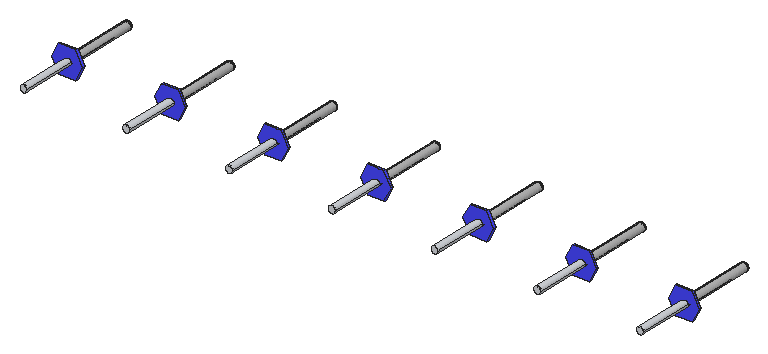
Revit family "Dorn LD - type - Kopi", category Generic Models, Revit 2019
Family settings
  Can host rebar = No
  Round Connector Dimension = Use Diameter
  Part Type = Normal
  Work Plane-Based = Yes
  Always vertical = No
  Cut with Voids When Loaded = No
  Shared = No
  Room Calculation Point = No
Parameters (values of type "20/320 A4")
  Website Link [instance] = "https://haucon.dk/produkt/dorn-ld/#variations"
  Total Width = 320 mm
  Total Length [instance] = 2440 mm
  Technical Data Sheet [instance] = "https://haucon.dk/wp-content/uploads/2018/02/TA-Dorn-LD-TI-DK.pdf"
  Metal = Stainless Steel A4
  Height Dowel [instance] = 0 mm
  Dowel count [instance] = (Total Length / Distance) - 1  # 7
  Distance from start [instance] = 300 mm
  Distance [instance] = 300 mm
  Diameter = 20 mm
  Default Elevation = 1219.2 mm
Reference planes
  plane 1 "Center (Front/Back)": y = 0
  plane 2: z = 0
  plane 3 "Center (Left/Right)": x = 0
  plane 4: x = 2440
  plane 5: x = 300
  plane 6: x = 600
  plane 7: x = 900
  plane 8: x = 1200
  plane 9: x = 1500
  plane 10: x = 1800
  plane 11: x = 2100
Dimensions and locks
  equal spacing: group 1, group 2, group 3, group 4, group 5, group 6, group 7  (x3)
  "Total Length": plane 3 "Center (Left/Right)" to plane 4
  "Distance from start": plane 3 "Center (Left/Right)" to plane 5
  "Distance": plane 5 to plane 6
  aligned and locked: level to plane 2
Nested families
  nested 1: "Family1" at (273.576, 0, 0), Diameter <- "Diameter", Height Dowel <- "Height Dowel", Total Width <- "Total Width", type "Family1"
    with Total Width 320 mm, Height Dowel 0 mm, Diameter 20 mm
  nested 2: "Family1" at (573.576, 0, 0), Diameter <- "Diameter", Height Dowel <- "Height Dowel", Total Width <- "Total Width", type "Family1"
    with Total Width 320 mm, Height Dowel 0 mm, Diameter 20 mm
  nested 3: "Family1" at (873.576, 0, 0), Diameter <- "Diameter", Height Dowel <- "Height Dowel", Total Width <- "Total Width", type "Family1"
    with Total Width 320 mm, Height Dowel 0 mm, Diameter 20 mm
  nested 4: "Family1" at (1173.576, 0, 0), Diameter <- "Diameter", Height Dowel <- "Height Dowel", Total Width <- "Total Width", type "Family1"
    with Total Width 320 mm, Height Dowel 0 mm, Diameter 20 mm
  nested 5: "Family1" at (1473.576, 0, 0), Diameter <- "Diameter", Height Dowel <- "Height Dowel", Total Width <- "Total Width", type "Family1"
    with Total Width 320 mm, Height Dowel 0 mm, Diameter 20 mm
  nested 6: "Family1" at (1773.576, 0, 0), Diameter <- "Diameter", Height Dowel <- "Height Dowel", Total Width <- "Total Width", type "Family1"
    with Total Width 320 mm, Height Dowel 0 mm, Diameter 20 mm
  nested 7: "Family1" at (2073.576, 0, 0), Diameter <- "Diameter", Height Dowel <- "Height Dowel", Total Width <- "Total Width", type "Family1"
    with Total Width 320 mm, Height Dowel 0 mm, Diameter 20 mm
  nested 8: "Glidehylse_LD_20_Part_S_A4_p_i_t_4031217" at (300, 0, 0) x (0, 1, 0) z (0, 0, 1), type "LD20_Part_S_A4"
    with Elevation Height 0 mm
  nested 9: "Glidehylse_LD_20_Part_S_A4_p_i_t_4031217" at (600, 0, 0) x (0, 1, 0) z (0, 0, 1), type "LD20_Part_S_A4"
    with Elevation Height 0 mm
  nested 10: "Glidehylse_LD_20_Part_S_A4_p_i_t_4031217" at (900, 0, 0) x (0, 1, 0) z (0, 0, 1), type "LD20_Part_S_A4"
    with Elevation Height 0 mm
  nested 11: "Glidehylse_LD_20_Part_S_A4_p_i_t_4031217" at (1200, 0, 0) x (0, 1, 0) z (0, 0, 1), type "LD20_Part_S_A4"
    with Elevation Height 0 mm
  nested 12: "Glidehylse_LD_20_Part_S_A4_p_i_t_4031217" at (1500, 0, 0) x (0, 1, 0) z (0, 0, 1), type "LD20_Part_S_A4"
    with Elevation Height 0 mm
  nested 13: "Glidehylse_LD_20_Part_S_A4_p_i_t_4031217" at (1800, 0, 0) x (0, 1, 0) z (0, 0, 1), type "LD20_Part_S_A4"
    with Elevation Height 0 mm
  nested 14: "Glidehylse_LD_20_Part_S_A4_p_i_t_4031217" at (2100, 0, 0) x (0, 1, 0) z (0, 0, 1), type "LD20_Part_S_A4"
    with Elevation Height 0 mm
Definition of nested family "Family1"
  Parameters (values of type "Family1")
    Total Width [instance] = 320 mm
    Height Dowel [instance] = 100 mm
    Diameter [instance] = 20 mm
    Default Elevation = 1219.2 mm
  Reference planes
    plane 1 "Center (Front/Back)": y = 0
    plane 2: z = 0
    plane 3 "Center (Left/Right)": x = 0
    plane 4: y = 160
    plane 5: y = -160
    plane 6: x = -140
    plane 7: x = 140
    plane 8 "Dowel Height": z = 100
  Forms (mm)
    Extrusion 1, solid
      sketch origin (8.617, 0, 0) x (1, 0, 0) y (0, 0, 1)
        loop
          circle (17.807, 100) r 10
      from -160 to 160
  Dimensions and locks
    plane 6 to plane 7 = 280 mm
    equal spacing: plane 6, plane 3 "Center (Left/Right)", plane 7
    equal spacing: plane 4, plane 1 "Center (Front/Back)", plane 5
    "Total Width": plane 4 to plane 5
    "Height Dowel": plane 8 "Dowel Height" to level
    "Diameter": diameter of Extrusion 1 sketch curve
    aligned and locked: level to plane 2
    aligned and locked: plane 8 "Dowel Height" to Extrusion 1
    aligned and locked: plane 4 to Extrusion 1
    aligned and locked: plane 5 to Extrusion 1
  Automatic sketch dimensions
    Extrusion 1 sketch curve to plane 8 "Dowel Height" = 0 mm
    plane 3 "Center (Left/Right)" to Extrusion 1 sketch curve = 26.424 mm
Definition of nested family "Glidehylse_LD_20_Part_S_A4_p_i_t_4031217"
  Parameters (values of type "LD20_Part_S_A4")
    Website Link = "https://haucon.dk/produkt/dorn-ld/#variations"
    Total Length = 220 mm
    Technical Data Sheet = "https://haucon.dk/wp-content/uploads/2018/02/TA-Dorn-LD-TI-DK.pdf"
    Sleeve Inner Diameter = 21 mm
    Plastic Black = none
    Plastic = none
    Metal = none
    Hexagon Height = 5 mm
    Hexagon Diameter = 80 mm
    Elevation Height = 100 mm
    Default Elevation = 1219.2 mm
    Cap Height = 5 mm
  Types (3, lengths in mm): name | Total Length | Technical Data Sheet | Sleeve Inner Diameter
    (no name) | 220 | "https://haucon.dk/wp-content/uploads/2018/02/TA-Dorn-LD-TI-DK.pdf" | 21
    LD16_Part_S_A4 | 195 | "https://haucon.dk/wp-content/uploads/2018/02/TA-Dorn-LD-TI-DK.pdfhttps://haucon.dk/wp-content/uploads/2018/02/TA-Dorn-LD-TI-DK.pdf" | 17
    LD20_Part_S_A4 | 220 | "https://haucon.dk/wp-content/uploads/2018/02/TA-Dorn-LD-TI-DK.pdf" | 21
  Reference planes
    plane 1 "Center (Front/Back)": y = 0
    plane 2: z = 0
    plane 3 "Center (Left/Right)": x = 0
    plane 4: x = 5
    plane 5: x = 215
    plane 6: x = 220
    plane 7: z = 100
    plane 8: z = 89.5
    plane 9: z = 110.5
  Forms (mm)
    Revolve 1, solid, material <- "Metal"
      sketch origin (0, 0, 92.286) x (0, 0, -1) y (1, 0, 0)
        loop
          line (-19.714, 5) -> (-18.214, 5) -> (-18.214, 215) -> (-19.714, 215) -> (-19.714, 5)
        axis (-7.714, 215) -> (-7.714, 5)
      angle from 0 to 360
    Revolve 2, solid, material <- "Plastic Black"
      sketch origin (0, 0, 89.786) x (0, 0, -1) y (1, 0, 0)
        loop
          line (-22.214, 215) -> (-20.714, 215) -> (-20.714, 218.5) -> (-10.214, 218.5) -> (-10.214, 220) -> (-20.753, 220)
          arc (-20.753, 220) -> (-21.786, 219.572) -> (-22.214, 218.539) r 1.461
          line (-22.214, 218.539) -> (-22.214, 215)
        axis (-10.214, 220) -> (-10.214, 215)
      angle from 0 to 360
    Extrusion 3, solid, material <- "Plastic"
      sketch origin (0, 0, -50) x (0, 1, 0) y (0, 0, 1)
        loop
          line (44.91, 150) -> (24.313, 190) -> (-24.476, 190) -> (-45.073, 150) -> (-24.476, 110) -> (24.313, 110) -> (44.91, 150)
      from 0 to 5
  Dimensions and locks
    equal spacing: plane 9, plane 7, plane 8
    "Sleeve Inner Diameter": plane 9 to plane 8
    "Cap Height": plane 6 to plane 5
    "Hexagon Height": plane 4 to plane 3 "Center (Left/Right)"
    "Elevation Height": plane 7 to level
    "Total Length": plane 6 to plane 3 "Center (Left/Right)"
    Extrusion 3 sketch curve to Extrusion 3 sketch curve = 80 mm  (x3)
    aligned and locked: level to plane 2
    aligned and locked: Revolve 1 to plane 4
    aligned and locked: plane 9 to Revolve 1 sketch curve
    aligned and locked: plane 7 to Revolve 1 sketch curve
    aligned and locked: Revolve 2 sketch curve to plane 9
    aligned and locked: plane 7 to Revolve 2 sketch curve  (x2)
    aligned and locked: plane 5 to Revolve 2 sketch curve
    aligned and locked: Revolve 2 sketch curve to plane 6
    aligned and locked: Revolve 1 sketch curve to plane 5
    aligned and locked: Extrusion 3 to plane 7
  Automatic sketch dimensions
    Revolve 2 sketch curve to Revolve 2 sketch curve = 0.711 mm
    Revolve 2 sketch curve to Revolve 2 sketch curve = 0.039 mm  (x2)
    Revolve 2 sketch curve to Revolve 2 sketch curve = 1.739 mm
    Revolve 2 sketch curve to Revolve 2 sketch curve = 1.461 mm
    Revolve 1 sketch curve to plane 4 = 0 mm
    Revolve 1 sketch curve to Revolve 1 sketch curve = 1.5 mm
    Revolve 1 sketch curve to plane 5 = 15.148 mm
    Revolve 1 sketch curve to plane 5 = 0.148 mm
    plane 7 to Extrusion 3 sketch curve = 0 mm
    Extrusion 3 sketch curve to plane 1 "Center (Front/Back)" = 24.313 mm  (x2)
    Extrusion 3 sketch curve to plane 7 = 0 mm
    Extrusion 3 sketch curve to Extrusion 3 sketch curve = 20.597 mm
